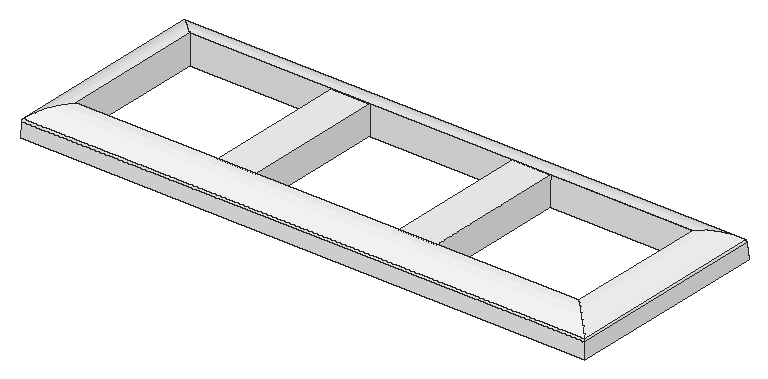
Revit family "Gira_021304", category Electrical Fixtures, host Face, Revit 2017
Family settings
  Host = Face
  Maintain Annotation Orientation = No
  Round Connector Dimension = Use Diameter
  Part Type = Normal
  Cut with Voids When Loaded = No
  Shared = No
  Room Calculation Point = No
Parameters (values of type "Cov.fr. 3-g Standard 55 p.white m")
  With mounting grid = "No"
  With hinged lid = "No"
  URL = "http://katalog.gira.de/en/datenblatt.html?artikelnr=021304"
  Type of fastening = "Clamp mounting"
  Transparent = "No"
  Surface protection = "Other"
  Surface finishing = "Matt"
  Suitable for wall duct = "No"
  Suitable for flush-mounted installation = "Yes"
  Suitable for floor box = "No"
  Suitable for built-in installation = "No"
  RAL-number (akin) = "9010"
  Number of units vertical = "3"
  Number of units horizontal = "3"
  Number of units = "3"
  Name = "Cov.fr. 3-g Standard 55 p.white m"
  Mounting direction = "Horizontal and vertical"
  Material quality = "Thermoplastic"
  Material = "Plastic"
  Manufacturer URL = "https://www.gira.de/"
  Manufacturer = "Gira"
  Label space/information surface = "No"
  Keynote = ""
  HeinzeBIM = "https://bimportal.heinze.de/bim/cov-fr-3-g-standard-55-p-white-m/23e260884fb7a2a76cdef4efeed06eb785d8a395"
  Halogen free = "Yes"
  HAN = "021304"
  GTIN = "4010337213048"
  Description = "Cov.fr.3g Std55 PWm,Gira Standard 55 cover frame,pure white matt,3-gang,Features:,- Shatter-proof.,,Notes :,- Also suitable for duct installation.,- In connection with the seal kit, frame (1-gang to 5-gang) is also suitable for installation as water-protected flush-mounted IP44."
  Degree of protection (IP) = "IP20"
  Default Elevation = 1219.2 mm
  Data sheet (1) = "https://katalog.gira.de/en/download.html?artikelnr=021304"
  Colour = "White"
  Category = "Cover frame for domestic switching devices"
  BIM (1) = "https://media.stage.bim.site/public/gira/36a6b08/Std55_Rahmen_3fach.rfa"
  Available = "No"
Reference planes
  plane 1 "Center (Front/Back)": y = 0
  plane 2: z = 0
  plane 3 "Center (Left/Right)": x = 0
  plane 4: x = -40.3
  plane 5: x = 40.3
  plane 6: y = -111.5
  plane 7: y = 111.5
  plane 8: y = 35.7
  plane 9: y = -35.7
Forms (mm)
  Sweep 1, solid, material "White", detail levels fine
    path origin (0, 0, 0) x (0, -1, 0) y (1, 0, 0)
      loop
        line (40.3, 111.5) -> (-40.3, 111.5) -> (-40.3, -111.5) -> (40.3, -111.5) -> (40.3, 111.5)
    profile origin (111.5, 0, 0) x (-1, 0, 0) y (0, 0, 1)
      loop
        arc (12.22, 11.373) -> (5.983, 10.294) -> (0.641, 6.901) r 16.145
        arc (0.641, 6.901) -> (0.395, 6.426) -> (0.309, 5.898) r 1.694
        line (0.309, 5.898) -> (0, 0) -> (12.319, 0) -> (12.22, 11.373)
  Extrusion 2, solid, material "White", detail levels fine
    sketch origin (-35.7, 0, 0) x (1, 0, 0) y (0, 0, 1)
      loop
        line (7.4, 0) -> (7.4, 11.373) -> (-7.4, 11.373) -> (-7.4, 0) -> (7.4, 0)
    from -28.08 to 28.08
  Extrusion 3, solid, material "White", detail levels fine
    sketch origin (35.7, 0, 0) x (1, 0, 0) y (0, 0, 1)
      loop
        line (7.4, 0) -> (7.4, 11.373) -> (-7.4, 11.373) -> (-7.4, 0) -> (7.4, 0)
    from -28.08 to 28.08
  Extrusion 4, solid, material "White", detail levels coarse+medium
    sketch origin (0, 0, 0) x (0, -1, 0) y (1, 0, 0)
      loop
        line (40.3, 111.5) -> (-40.3, 111.5) -> (-40.3, -111.5) -> (40.3, -111.5) -> (40.3, 111.5)
    from 0 to 11.373
Dimensions and locks
  aligned and locked: plane 2 to host face
  aligned and locked: level to host face
